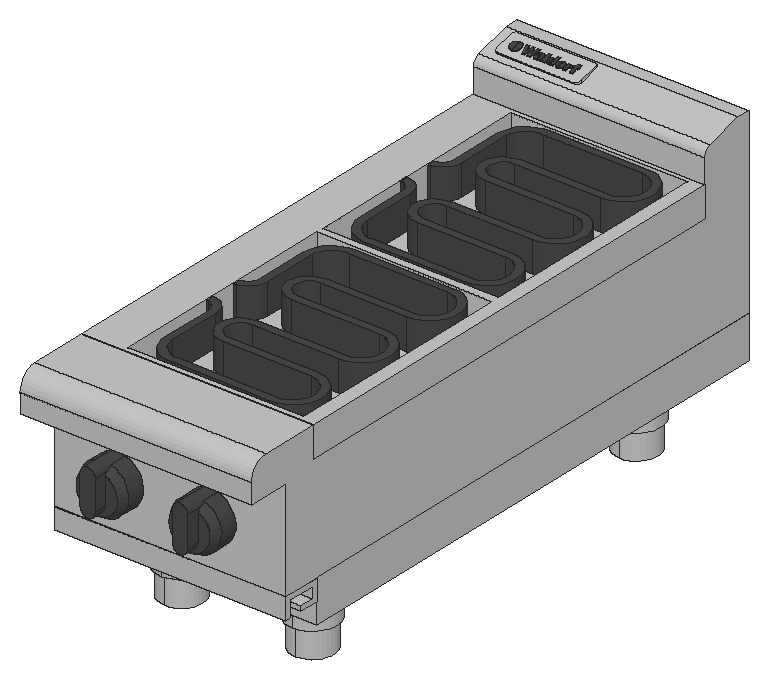
Revit family "QF_MOFFAT WALDORF_RNL8200E-B", category Specialty Equipment, Revit 2012
Parameters
  Weight in Pounds = 70.5478
  Watts = 4800 W
  Volts = 240 V
  URL Cutsheet = "www.moffat.com"
  URL = "www.moffat.com"
  Type Mark [instance] = ""
  Status [instance] = ""
  Specification by User [instance] = ""
  Specification by Manufacturer = ""
  Show Logo [instance] = yes
  Serial Number = ""
  Seismic Rating = ""
  SMACNA No = ""
  Revision Code [instance] = ""
  Phase = 1
  Omniclass Number and Title = ""
  Number of Poles = 1
  NAFEM Spec ID Number = ""
  Model = "RNL8200E-B"
  Min Ckt Ampacity = 0 A
  Max Overcurrent Protection = 0 A
  Masterspec = ""
  Manufacturer = "MOFFAT WALDORF"
  Item Number [instance] = ""
  Installed By [instance] = ""
  Identify Quantity as Lot [instance] = yes
  HP = ""
  Furnished By [instance] = ""
  Foodservice Equipment Identifier [instance] = yes
  FL Amps = 20 A
  Elec Conn RI Height = 0 mm
  Elec Conn Connection Height = 0 mm
  Description = "COOK TOP LOW SPLASHBACK  ELECTRIC BENCH MOUNT"
  Cycle = 50 Hz
  Conn Plug = ""
  Conn Conduit = yes
  CSI MasterFormat = ""
  CSI Master Format = ""
  Base Height [instance] = 80 mm
  Apparent Power = if(Phase = 3, Volts * FL Amps * 1.73, Volts * FL Amps)  # 4800 VA
Reference planes
  plane 1 "BACK": y = 0
  plane 2: z = 0
  plane 3 "LEFT": x = 0
  plane 4 "RIGHT": x = 300
  plane 5 "FRONT": y = -805
  plane 6 "TOP": z = 370
  plane 7 "Center Y": x = 150
  plane 8 "Center X": y = -402.5
  plane 9 "Base Height": z = 80
  plane 10: x = 200
  plane 11: z = 110
  plane 12: y = -32
Forms (mm)
  Extrusion 1, solid, material "QF_Finishes_Stainless Steel"
    sketch origin (0, 0, 0) x (0, 1, 0) y (0, 0, 1)
      loop
        line (-805, 291) -> (-805, 266) -> (-749, 266) -> (-749, 135) -> (0, 135) -> (0, 370) -> (-16.5, 370) -> (-61.106, 358.048)
        arc (-61.106, 358.048) -> (-67.52, 353.762) -> (-70, 346.457) r 12
        line (-70, 346.457) -> (-70, 275) -> (-705, 275) -> (-705, 315) -> (-781, 315)
        arc (-781, 315) -> (-797.971, 307.971) -> (-805, 291) r 24
      loop
        line (0, 80) -> (0, 134.206) -> (-699, 134.206) -> (-699, 80) -> (0, 80)
      loop
        line (-749, 134.206) -> (-749, 107.019) -> (-742.6, 107.019) -> (-742.6, 127.806) -> (-706.181, 127.806) -> (-706.181, 113.419) -> (-724.781, 113.419) -> (-724.781, 107.019) -> (-699.806, 107.019) -> (-699.806, 134.206) -> (-749, 134.206)
    from 0 to 300
  Revolve 2, solid, material "QF_Finishes_Stainless Steel"
    sketch origin (235, -735, 0) x (0, 1, 0) y (0, 0, -1)
      loop
        line (78.25, -80) -> (110, -80) -> (110, 0) -> (82.5, 0) -> (82.5, -35) -> (78.25, -35) -> (78.25, -80)
      axis (110, -80) -> (110, 0)
    angle from 0 to 360
  Revolve 3, solid, material "QF_Finishes_Stainless Steel"
    sketch origin (235, -210, 0) x (0, 1, 0) y (0, 0, -1)
      loop
        line (78.25, -80) -> (110, -80) -> (110, 0) -> (82.5, 0) -> (82.5, -35) -> (78.25, -35) -> (78.25, -80)
      axis (110, -80) -> (110, 0)
    angle from 0 to 360
  Revolve 4, solid, material "QF_Finishes_Stainless Steel"
    sketch origin (65, -735, 0) x (0, 1, 0) y (0, 0, 1)
      loop
        line (78.25, 80) -> (78.25, 35) -> (82.5, 35) -> (82.5, 0) -> (110, 0) -> (110, 80) -> (78.25, 80)
      axis (110, 80) -> (110, 0)
    angle from 0 to 360
  Revolve 5, solid, material "QF_Finishes_Stainless Steel"
    sketch origin (65, -210, 0) x (0, 1, 0) y (0, 0, 1)
      loop
        line (78.25, 80) -> (78.25, 35) -> (82.5, 35) -> (82.5, 0) -> (110, 0) -> (110, 80) -> (78.25, 80)
      axis (110, 80) -> (110, 0)
    angle from 0 to 360
  Revolve 6, solid, material "QF_Finishes_Black"
    sketch origin (210, 0, 28.395) x (0, -1, 0) y (0, 0, 1)
      loop
        line (782, 204.605) -> (759, 204.605) -> (759, 177.105) -> (749, 177.105) -> (749, 172.105) -> (793, 172.105) -> (793, 198.757) -> (782, 204.605)
      axis (793, 172.105) -> (749, 172.105)
    angle from 0 to 360
  Extrusion 7, solid, material "QF_Finishes_Black"
    sketch origin (71.569, 0, -100.872) x (1, 0, 0) y (0, 0, 1)
      loop
        line (148.431, 289) -> (148.431, 327.997)
        arc (148.431, 327.997) -> (138.431, 337.997) -> (128.431, 327.997) r 10
        line (128.431, 327.997) -> (128.431, 289)
        arc (128.431, 289) -> (138.431, 279) -> (148.431, 289) r 10
    from 759 to 808
  Extrusion 8, solid, material "QF_Finishes_Stainless Steel"
    sketch origin (0, -70, 275) x (0, -1, 0) y (1, 0, 0)
      loop
        line (0, 300) -> (0, 0) -> (635, 0) -> (635, 300) -> (0, 300)
      loop
        line (628.25, 54) -> (628.25, 282.75) -> (322.5, 282.75) -> (322.5, 54) -> (628.25, 54)
      loop
        line (6.75, 54) -> (312.5, 54) -> (312.5, 282.75) -> (6.75, 282.75) -> (6.75, 54)
    from 0 to 40
  Extrusion 9, solid, material "QF_Finishes_Black"
    sketch origin (0, -70, 275) x (0, -1, 0) y (1, 0, 0)
      loop
        arc (21.5, 234.6) -> (49.2, 262.3) -> (76.9, 234.6) r 27.7
        line (76.9, 234.6) -> (76.9, 122)
        arc (76.9, 122) -> (104.6, 94.3) -> (132.3, 122) r 27.7
        line (132.3, 122) -> (132.3, 234.6)
        arc (132.3, 234.6) -> (160, 262.3) -> (187.7, 234.6) r 27.7
        line (187.7, 234.6) -> (187.7, 122)
        arc (187.7, 122) -> (215.4, 94.3) -> (243.1, 122) r 27.7
        line (243.1, 122) -> (243.1, 234.6)
        arc (243.1, 234.6) -> (270.8, 262.3) -> (298.5, 234.6) r 27.7
        line (298.5, 234.6) -> (298.5, 107)
        arc (298.5, 107) -> (291.405, 87.847) -> (272.854, 79.3) r 26.722
        line (272.854, 79.3) -> (201.646, 79.3)
        arc (201.646, 79.3) -> (185.755, 73.424) -> (176.869, 59) r 25.973
        line (176.869, 59) -> (176.869, 53.821) -> (186.628, 53.821) -> (186.628, 56.818)
        arc (186.628, 56.818) -> (192.056, 65.658) -> (201.769, 69.3) r 15.973
        line (201.769, 69.3) -> (273.036, 69.3)
        arc (273.036, 69.3) -> (298.601, 80.901) -> (308.5, 107.172) r 36.722
        line (308.5, 107.172) -> (308.5, 234.6)
        arc (308.5, 234.6) -> (270.8, 272.3) -> (233.1, 234.6) r 37.7
        line (233.1, 234.6) -> (233.1, 122)
        arc (233.1, 122) -> (215.4, 104.3) -> (197.7, 122) r 17.7
        line (197.7, 122) -> (197.7, 234.6)
        arc (197.7, 234.6) -> (160, 272.3) -> (122.3, 234.6) r 37.7
        line (122.3, 234.6) -> (122.3, 122)
        arc (122.3, 122) -> (104.6, 104.3) -> (86.9, 122) r 17.7
        line (86.9, 122) -> (86.9, 234.6)
        arc (86.9, 234.6) -> (49.2, 272.3) -> (11.5, 234.6) r 37.7
        line (11.5, 234.6) -> (11.5, 107.172)
        arc (11.5, 107.172) -> (21.399, 80.901) -> (46.964, 69.3) r 36.722
        line (46.964, 69.3) -> (118.243, 69.3)
        arc (118.243, 69.3) -> (127.905, 65.684) -> (133.272, 56.873) r 15.79
        line (133.272, 56.873) -> (133.272, 54) -> (143.043, 54) -> (143.043, 59)
        arc (143.043, 59) -> (134.222, 73.436) -> (118.354, 79.3) r 25.79
        line (118.354, 79.3) -> (47.146, 79.3)
        arc (47.146, 79.3) -> (28.595, 87.847) -> (21.5, 107) r 26.722
        line (21.5, 107) -> (21.5, 234.6)
      loop
        arc (336.5, 234.6) -> (364.2, 262.3) -> (391.9, 234.6) r 27.7
        line (391.9, 234.6) -> (391.9, 122)
        arc (391.9, 122) -> (419.6, 94.3) -> (447.3, 122) r 27.7
        line (447.3, 122) -> (447.3, 234.6)
        arc (447.3, 234.6) -> (475, 262.3) -> (502.7, 234.6) r 27.7
        line (502.7, 234.6) -> (502.7, 122)
        arc (502.7, 122) -> (530.4, 94.3) -> (558.1, 122) r 27.7
        line (558.1, 122) -> (558.1, 234.6)
        arc (558.1, 234.6) -> (585.8, 262.3) -> (613.5, 234.6) r 27.7
        line (613.5, 234.6) -> (613.5, 107)
        arc (613.5, 107) -> (606.405, 87.847) -> (587.854, 79.3) r 26.722
        line (587.854, 79.3) -> (516.646, 79.3)
        arc (516.646, 79.3) -> (500.755, 73.424) -> (491.869, 59) r 25.973
        line (491.869, 59) -> (491.869, 54) -> (501.628, 54) -> (501.628, 56.818)
        arc (501.628, 56.818) -> (507.056, 65.658) -> (516.769, 69.3) r 15.973
        line (516.769, 69.3) -> (588.036, 69.3)
        arc (588.036, 69.3) -> (613.601, 80.901) -> (623.5, 107.172) r 36.722
        line (623.5, 107.172) -> (623.5, 234.6)
        arc (623.5, 234.6) -> (585.8, 272.3) -> (548.1, 234.6) r 37.7
        line (548.1, 234.6) -> (548.1, 122)
        arc (548.1, 122) -> (530.4, 104.3) -> (512.7, 122) r 17.7
        line (512.7, 122) -> (512.7, 234.6)
        arc (512.7, 234.6) -> (475, 272.3) -> (437.3, 234.6) r 37.7
        line (437.3, 234.6) -> (437.3, 122)
        arc (437.3, 122) -> (419.6, 104.3) -> (401.9, 122) r 17.7
        line (401.9, 122) -> (401.9, 234.6)
        arc (401.9, 234.6) -> (364.2, 272.3) -> (326.5, 234.6) r 37.7
        line (326.5, 234.6) -> (326.5, 107.172)
        arc (326.5, 107.172) -> (336.399, 80.901) -> (361.964, 69.3) r 36.722
        line (361.964, 69.3) -> (433.243, 69.3)
        arc (433.243, 69.3) -> (442.905, 65.684) -> (448.272, 56.873) r 15.79
        line (448.272, 56.873) -> (448.272, 54) -> (458.043, 54) -> (458.043, 59)
        arc (458.043, 59) -> (449.222, 73.436) -> (433.354, 79.3) r 25.79
        line (433.354, 79.3) -> (362.146, 79.3)
        arc (362.146, 79.3) -> (343.595, 87.847) -> (336.5, 107) r 26.722
        line (336.5, 107) -> (336.5, 234.6)
    from 0 to 40
  Revolve 10, solid, material "QF_Finishes_Black"
    sketch origin (90, 0, 28.395) x (0, -1, 0) y (0, 0, -1)
      loop
        line (782, -204.605) -> (793, -198.757) -> (793, -172.105) -> (749, -172.105) -> (749, -177.105) -> (759, -177.105) -> (759, -204.605) -> (782, -204.605)
      axis (793, -172.105) -> (749, -172.105)
    angle from 0 to 360
  Extrusion 11, solid, material "QF_Finishes_Black"
    sketch origin (228.431, 0, -75.602) x (-1, 0, 0) y (0, 0, -1)
      loop
        arc (148.431, -264) -> (138.431, -254) -> (128.431, -264) r 10
        line (128.431, -264) -> (128.431, -302.997)
        arc (128.431, -302.997) -> (138.431, -312.997) -> (148.431, -302.997) r 10
        line (148.431, -302.997) -> (148.431, -264)
    from 759 to 808
  Extrusion 12, solid, material "QF_Finishes_Stainless Steel"
    sketch origin (0, 0, 80) x (-1, 0, 0) y (0, 1, 0)
      loop
        circle (-200.073, -32) r 6.35
    from 0 to 1.6
Cuts and joins
  joined: Revolve 6, Extrusion 7
  joined: Revolve 10, Extrusion 11
Lines and regions (mm)
  Split face 1
    outline origin (0, -1783.759, -103.536) x (0, 0.965926, 0.258819) y (-1, 0, 0)
      loop
        line (1795.51, -128) -> (1795.51, -148) -> (1823.865, -148) -> (1823.865, -128) -> (1795.51, -128)
  Split face 2
    outline origin (30, -1783.759, -103.536) x (0, 0.965926, 0.258819) y (-1, 0, 0)
      loop
        line (1795.51, -125.011) -> (1795.51, -145.011) -> (1823.865, -145.011) -> (1823.865, -125.011) -> (1795.51, -125.011)
  Split face 3
    outline origin (50.974, -1783.759, -103.536) x (0, 0.965926, 0.258819) y (-1, 0, 0)
      loop
        line (1795.51, -131.027) -> (1795.51, -151.027) -> (1823.865, -151.027) -> (1823.865, -131.027) -> (1795.51, -131.027)
  Split face 4
    outline origin (110.974, -1783.759, -103.536) x (0, 0.965926, 0.258819) y (-1, 0, 0)
      loop
        line (1795.51, -97.994) -> (1795.51, -117.994) -> (1823.865, -117.994) -> (1823.865, -97.994) -> (1795.51, -97.994)
  Split face 5
    outline origin (140.974, -1783.759, -103.536) x (0, 0.965926, 0.258819) y (-1, 0, 0)
      loop
        line (1795.51, -95.047) -> (1795.51, -115.047) -> (1823.865, -115.047) -> (1823.865, -95.047) -> (1795.51, -95.047)
  Split face 6
    outline origin (170.974, -1783.759, -103.536) x (0, 0.965926, 0.258819) y (-1, 0, 0)
      loop
        line (1795.51, -92.01) -> (1795.51, -112.01) -> (1823.865, -112.01) -> (1823.865, -92.01) -> (1795.51, -92.01)
  symbolic lines
    curve 1: line (0, 0, 0) -> (0, -805, 0)
    curve 2: line (300, 0, 0) -> (0, 0, 0)
    curve 3: line (300, -805, 0) -> (300, 0, 0)
    curve 4: line (0, -70, 0) -> (300, -70, 0)
    curve 5: line (0, -805, 0) -> (300, -805, 0)
    curve 10: line (300, -705, 0) -> (0, -705, 0)
    curve 11: line (128, -49.427, 0) -> (128, -22.054, 0)
    curve 12: line (128, -22.054, 0) -> (148, -22.054, 0)
    curve 13: line (148, -22.054, 0) -> (148, -49.427, 0)
    curve 14: line (148, -49.427, 0) -> (128, -49.427, 0)
    curve 15: line (155, -22.249, 0) -> (155, -49.427, 0)
    curve 16: line (155, -49.427, 0) -> (175, -49.427, 0)
    curve 17: line (175, -49.427, 0) -> (175, -22.249, 0)
    curve 18: line (175, -22.249, 0) -> (155, -22.249, 0)
    curve 19: line (182, -49.427, 0) -> (182, -22.432, 0)
    curve 20: line (182, -22.432, 0) -> (202, -22.432, 0)
    curve 21: line (202, -22.432, 0) -> (202, -49.427, 0)
    curve 22: line (202, -49.427, 0) -> (182, -49.427, 0)
    curve 23: line (209, -49.427, 0) -> (209, -23.119, 0)
    curve 24: line (209, -23.119, 0) -> (229, -23.119, 0)
    curve 25: line (229, -23.119, 0) -> (229, -49.427, 0)
    curve 26: line (229, -49.427, 0) -> (209, -49.427, 0)
    curve 27: line (236, -49.427, 0) -> (236, -23.247, 0)
    curve 28: line (236, -23.247, 0) -> (256, -23.247, 0)
    curve 29: line (256, -23.247, 0) -> (256, -49.427, 0)
    curve 30: line (256, -49.427, 0) -> (236, -49.427, 0)
    curve 31: line (263, -49.427, 0) -> (263, -23.368, 0)
    curve 32: line (263, -23.368, 0) -> (283, -23.368, 0)
    curve 33: line (283, -23.368, 0) -> (283, -49.427, 0)
    curve 34: line (283, -49.427, 0) -> (263, -49.427, 0)
    curve 35: line (54, -705, 0) -> (54, -70, 0)
    curve 36: line (282.75, -70, 0) -> (282.75, -705, 0)
    curve 37: line (54, -387.5, 0) -> (282.75, -387.5, 0)
    curve 38: line (234.6, -86.5, 0) -> (107.089, -86.5, 0)
    curve 39: arc (107.089, -86.5, 0) -> (84.376, -94.994, 0) -> (74.3, -117.051, 0) r 31.722
    curve 40: line (74.3, -117.051, 0) -> (74.3, -188.302, 0)
    curve 41: arc (74.3, -188.302, 0) -> (69.375, -201.285, 0) -> (57.374, -208.272, 0) r 20.79
    curve 42: line (57.374, -208.272, 0) -> (54, -208.272, 0)
    curve 43: arc (234.6, -151.9, 0) -> (267.3, -119.2, 0) -> (234.6, -86.5, 0) r 32.7
    curve 44: line (122, -151.9, 0) -> (234.6, -151.9, 0)
    curve 45: arc (122, -197.3, 0) -> (99.3, -174.6, 0) -> (122, -151.9, 0) r 22.7
    curve 46: line (234.6, -197.3, 0) -> (122, -197.3, 0)
    curve 47: arc (234.6, -262.7, 0) -> (267.3, -230, 0) -> (234.6, -197.3, 0) r 32.7
    curve 48: line (122, -262.7, 0) -> (234.6, -262.7, 0)
    curve 49: arc (122, -308.1, 0) -> (99.3, -285.4, 0) -> (122, -262.7, 0) r 22.7
    curve 50: line (234.6, -308.1, 0) -> (122, -308.1, 0)
    curve 51: arc (234.6, -373.5, 0) -> (267.3, -340.8, 0) -> (234.6, -308.1, 0) r 32.7
    curve 52: line (107.089, -373.5, 0) -> (234.6, -373.5, 0)
    curve 53: arc (74.3, -342.949, 0) -> (84.376, -365.006, 0) -> (107.089, -373.5, 0) r 31.722
    curve 54: line (74.3, -271.704, 0) -> (74.3, -342.949, 0)
    curve 55: arc (57.332, -251.628, 0) -> (69.352, -258.678, 0) -> (74.3, -271.704, 0) r 20.973
    curve 56: line (53.821, -251.628, 0) -> (57.332, -251.628, 0)
    curve 57: line (234.6, -401.5, 0) -> (107.089, -401.5, 0)
    curve 58: arc (107.089, -401.5, 0) -> (84.376, -409.994, 0) -> (74.3, -432.051, 0) r 31.722
    curve 59: line (74.3, -432.051, 0) -> (74.3, -503.302, 0)
    curve 60: arc (74.3, -503.302, 0) -> (69.375, -516.285, 0) -> (57.374, -523.272, 0) r 20.79
    curve 61: line (57.374, -523.272, 0) -> (54, -523.272, 0)
    curve 62: arc (234.6, -466.9, 0) -> (267.3, -434.2, 0) -> (234.6, -401.5, 0) r 32.7
    curve 63: line (122, -466.9, 0) -> (234.6, -466.9, 0)
    curve 64: arc (122, -512.3, 0) -> (99.3, -489.6, 0) -> (122, -466.9, 0) r 22.7
    curve 65: line (234.6, -512.3, 0) -> (122, -512.3, 0)
    curve 66: arc (234.6, -577.7, 0) -> (267.3, -545, 0) -> (234.6, -512.3, 0) r 32.7
    curve 67: line (122, -577.7, 0) -> (234.6, -577.7, 0)
    curve 68: arc (122, -623.1, 0) -> (99.3, -600.4, 0) -> (122, -577.7, 0) r 22.7
    curve 69: line (234.6, -623.1, 0) -> (122, -623.1, 0)
    curve 70: arc (234.6, -688.5, 0) -> (267.3, -655.8, 0) -> (234.6, -623.1, 0) r 32.7
    curve 71: line (107.089, -688.5, 0) -> (234.6, -688.5, 0)
    curve 72: arc (74.3, -657.949, 0) -> (84.376, -680.006, 0) -> (107.089, -688.5, 0) r 31.722
    curve 73: line (74.3, -586.704, 0) -> (74.3, -657.949, 0)
    curve 74: arc (57.332, -566.628, 0) -> (69.352, -573.678, 0) -> (74.3, -586.704, 0) r 20.973
    curve 75: line (53.821, -566.628, 0) -> (57.332, -566.628, 0)
  symbolic lines, visible <- "Show Logo"
    curve 6: line (12.5, -51.234, 0) -> (12.5, -20.958, 0)
    curve 7: line (12.5, -20.958, 0) -> (121.5, -20.958, 0)
    curve 8: line (12.5, -51.234, 0) -> (121.5, -51.234, 0)
    curve 9: line (121.5, -20.958, 0) -> (121.5, -51.234, 0)
Dimensions and locks
  equal spacing: plane 3 "LEFT", plane 7 "Center Y", plane 4 "RIGHT"
  plane 3 "LEFT" to plane 4 "RIGHT" = 300 mm
  equal spacing: plane 5 "FRONT", plane 8 "Center X", plane 1 "BACK"
  plane 5 "FRONT" to plane 1 "BACK" = 805 mm  (x2)
  equal spacing: plane 4 "RIGHT", plane 7 "Center Y", plane 3 "LEFT"
  plane 4 "RIGHT" to plane 3 "LEFT" = 300 mm
  "Base Height": plane 9 "Base Height" to level
  locked: plane 6 "TOP" to plane 9 "Base Height" at 290
  Revolve 10 sketch curve to Revolve 10 sketch curve to Revolve 10 sketch curve to Revolve 10 sketch curve = 5.849 mm locked, 21.651 mm locked, 5 mm locked
  plane 10 to plane 4 "RIGHT" = 100 mm
  plane 11 to level = 110 mm
  plane 12 to plane 1 "BACK" = 32 mm
  Extrusion 1 sketch curve to Extrusion 1 sketch curve to Extrusion 1 sketch curve to Extrusion 1 sketch curve to Extrusion 1 sketch curve = 55 mm locked, 131 mm locked, 9 mm locked, 40 mm locked
  aligned and locked: level to plane 2
  aligned and locked: curve 3 to plane 4 "RIGHT"
  aligned and locked: Revolve 10 sketch curve to Extrusion 1
  aligned and locked: cut or joined group of Revolve 6, Extrusion 7 to cut or joined group of Revolve 6, Extrusion 7
  aligned and locked: cut or joined group of Revolve 6, Extrusion 7 to cut or joined group of Revolve 10, Extrusion 11
  aligned and locked: cut or joined group of Revolve 6, Extrusion 7 to Extrusion 1
Automatic sketch dimensions
  plane 1 "BACK" to curve 1 = 0 mm
  curve 1 to plane 3 "LEFT" = 0 mm
  plane 5 "FRONT" to curve 1 = 0 mm
  plane 3 "LEFT" to curve 6 = 12.5 mm
  plane 3 "LEFT" to curve 74 = 53.333 mm
  plane 3 "LEFT" to curve 55 = 53.333 mm
  plane 3 "LEFT" to curve 41 = 53.516 mm
  plane 3 "LEFT" to curve 60 = 53.516 mm
  curve 55 to curve 56 = 0.487 mm
  curve 74 to curve 75 = 0.487 mm
  curve 6 to curve 35 = 41.5 mm
  curve 56 to curve 56 = 3.512 mm
  curve 75 to curve 74 = 3.512 mm
  curve 42 to curve 42 = 3.374 mm
  curve 61 to curve 60 = 3.374 mm
  curve 35 to curve 73 = 20.3 mm
  curve 37 to curve 54 = 20.3 mm
  curve 41 to curve 40 = 20.784 mm
  curve 37 to curve 59 = 20.3 mm
  curve 53 to curve 53 = 31.701 mm
  curve 72 to curve 72 = 31.701 mm
  curve 59 to curve 58 = 31.701 mm
  curve 40 to curve 39 = 31.701 mm
  curve 39 to curve 39 = 1.088 mm
  curve 72 to curve 71 = 1.088 mm
  plane 8 "Center X" to curve 58 = 1 mm
  curve 58 to curve 58 = 1.088 mm
  curve 53 to curve 57 = 0 mm
  curve 9 to plane 7 "Center Y" = 28.5 mm
  curve 63 to plane 7 "Center Y" = 28 mm
  curve 50 to plane 7 "Center Y" = 28 mm
  curve 45 to plane 7 "Center Y" = 28 mm
  curve 69 to plane 7 "Center Y" = 28 mm
  curve 7 to curve 11 = 6.5 mm
  curve 12 to plane 7 "Center Y" = 2 mm
  plane 7 "Center Y" to curve 15 = 5 mm
  curve 15 to curve 16 = 20 mm
  curve 16 to curve 22 = 7 mm
  plane 10 to curve 22 = 2 mm
  curve 21 to curve 26 = 7 mm
  plane 12 to curve 24 = 8.881 mm
  curve 23 to curve 24 = 20 mm
  plane 10 to curve 70 = 34.6 mm
  plane 10 to curve 48 = 34.6 mm
  plane 10 to curve 67 = 34.6 mm
  plane 10 to curve 51 = 34.6 mm
  plane 10 to curve 38 = 34.6 mm
  plane 10 to curve 62 = 34.6 mm
  curve 25 to curve 27 = 7 mm
  plane 12 to curve 28 = 8.753 mm
  curve 27 to curve 28 = 20 mm
  curve 28 to curve 31 = 7 mm
  plane 4 "RIGHT" to curve 36 = 17.25 mm
  plane 4 "RIGHT" to curve 33 = 17 mm
  curve 10 to plane 5 "FRONT" = 100 mm
  curve 36 to curve 70 = 16.5 mm
  curve 72 to curve 72 = 30.551 mm
  curve 71 to curve 70 = 32.7 mm
  curve 68 to curve 68 = 22.7 mm
  curve 74 to curve 67 = 9.516 mm
  curve 74 to curve 73 = 0.512 mm
  curve 66 to curve 66 = 32.7 mm
  curve 74 to curve 60 = 43.356 mm
  curve 60 to curve 59 = 19.97 mm
  curve 64 to curve 64 = 22.7 mm
  curve 58 to curve 58 = 31.704 mm
  plane 8 "Center X" to curve 37 = 15 mm
  curve 57 to curve 51 = 28 mm
  curve 52 to curve 54 = 30.551 mm
  curve 52 to curve 51 = 32.7 mm
  curve 49 to curve 49 = 22.7 mm
  curve 55 to curve 48 = 9.516 mm
  curve 55 to curve 55 = 0.512 mm
  curve 48 to curve 47 = 32.7 mm
  curve 56 to curve 42 = 43.356 mm
  curve 42 to curve 41 = 19.97 mm
  curve 45 to curve 45 = 22.7 mm
  curve 44 to curve 43 = 32.7 mm
  curve 39 to curve 38 = 31.704 mm
  curve 36 to plane 12 = 38 mm
  curve 6 to plane 12 = 19.234 mm
  curve 16 to plane 12 = 17.427 mm
  curve 31 to plane 12 = 17.427 mm
  curve 30 to plane 12 = 17.427 mm
  curve 8 to curve 11 = 1.807 mm
  curve 26 to plane 12 = 17.427 mm
  curve 16 to curve 19 = 0 mm
  plane 12 to curve 33 = 8.632 mm
  curve 23 to curve 20 = 0.687 mm
  plane 12 to curve 18 = 9.751 mm
  plane 12 to curve 12 = 9.946 mm
  plane 12 to curve 6 = 11.042 mm
  Extrusion 1 sketch curve to plane 5 "FRONT" = 0 mm
  Extrusion 1 sketch curve to plane 9 "Base Height" = 0 mm
  Extrusion 1 sketch curve to plane 6 "TOP" = 0 mm
  Extrusion 1 sketch curve to plane 1 "BACK" = 0 mm  (x2)
  Extrusion 1 sketch curve to plane 5 "FRONT" = 24 mm
  Extrusion 1 sketch curve to plane 5 "FRONT" = 56 mm
  Extrusion 1 sketch curve to Extrusion 1 sketch curve = 0 mm  (x2)
  Extrusion 1 sketch curve to plane 11 = 2.981 mm  (x2)
  Extrusion 1 sketch curve to Extrusion 1 sketch curve = 6.4 mm
  Extrusion 1 sketch curve to Extrusion 1 sketch curve = 17.819 mm
  Extrusion 1 sketch curve to Extrusion 1 sketch curve = 18.6 mm
  Extrusion 1 sketch curve to Extrusion 1 sketch curve = 44 mm
  Extrusion 1 sketch curve to Extrusion 1 sketch curve = 6.376 mm
  Extrusion 1 sketch curve to Extrusion 1 sketch curve = 0.806 mm
  Extrusion 1 sketch curve to plane 12 = 38 mm
  Extrusion 1 sketch curve to plane 6 "TOP" = 11.952 mm
  Extrusion 1 sketch curve to Extrusion 1 sketch curve = 8.894 mm
  Extrusion 1 sketch curve to Extrusion 1 sketch curve = 3.106 mm
  plane 12 to Extrusion 1 sketch curve = 15.5 mm
  plane 11 to Extrusion 1 sketch curve = 3.419 mm
  Extrusion 1 sketch curve to Extrusion 1 sketch curve = 14.387 mm
  Extrusion 1 sketch curve to Extrusion 1 sketch curve = 0.794 mm
  Revolve 2 sketch curve to plane 9 "Base Height" = 0 mm
  Revolve 2 sketch curve to level = 0 mm
  level to Revolve 2 sketch curve = 35 mm
  Revolve 2 sketch curve to plane 5 "FRONT" = 148.25 mm
  Revolve 2 sketch curve to Revolve 2 sketch curve = 4.25 mm
  Revolve 2 sketch curve to Revolve 2 sketch curve = 27.5 mm
  Revolve 2 sketch curve to Revolve 2 sketch curve = 0 mm
  Revolve 2 sketch curve to Revolve 2 sketch curve = 30 mm
  Revolve 2 sketch curve to Revolve 2 sketch curve = 55 mm
  Revolve 3 sketch curve to plane 9 "Base Height" = 0 mm
  Revolve 3 sketch curve to level = 0 mm
  level to Revolve 3 sketch curve = 35 mm
  Revolve 3 sketch curve to plane 12 = 99.75 mm
  Revolve 3 sketch curve to Revolve 3 sketch curve = 4.25 mm
  Revolve 3 sketch curve to Revolve 3 sketch curve = 27.5 mm
  Revolve 3 sketch curve to Revolve 3 sketch curve = 0 mm
  Revolve 3 sketch curve to plane 9 "Base Height" = 30 mm
  Revolve 3 sketch curve to Revolve 3 sketch curve = 55 mm
  Revolve 4 sketch curve to plane 9 "Base Height" = 0 mm
  Revolve 4 sketch curve to level = 0 mm
  level to Revolve 4 sketch curve = 35 mm
  Revolve 4 sketch curve to plane 5 "FRONT" = 148.25 mm
  Revolve 4 sketch curve to Revolve 4 sketch curve = 4.25 mm
  Revolve 4 sketch curve to Revolve 4 sketch curve = 27.5 mm
  Revolve 4 sketch curve to Revolve 4 sketch curve = 0 mm
  Revolve 4 sketch curve to Revolve 4 sketch curve = 55 mm
  Revolve 4 sketch curve to Revolve 4 sketch curve = 30 mm
  Revolve 5 sketch curve to plane 9 "Base Height" = 0 mm
  Revolve 5 sketch curve to level = 0 mm
  level to Revolve 5 sketch curve = 35 mm
  Revolve 5 sketch curve to plane 12 = 99.75 mm
  Revolve 5 sketch curve to Revolve 5 sketch curve = 4.25 mm
  Revolve 5 sketch curve to Revolve 5 sketch curve = 27.5 mm
  Revolve 5 sketch curve to Revolve 5 sketch curve = 0 mm
  Revolve 5 sketch curve to Revolve 5 sketch curve = 55 mm
  Revolve 5 sketch curve to plane 9 "Base Height" = 30 mm
  Revolve 6 sketch curve to plane 5 "FRONT" = 56 mm
  Revolve 6 sketch curve to Revolve 6 sketch curve = 10 mm
  Revolve 6 sketch curve to Revolve 6 sketch curve = 11.379 mm
  Revolve 6 sketch curve to plane 5 "FRONT" = 23 mm
  Revolve 6 sketch curve to plane 5 "FRONT" = 12 mm
  Revolve 6 sketch curve to Revolve 6 sketch curve = 0 mm  (x2)
  plane 11 to Revolve 6 sketch curve = 90.5 mm
  Revolve 6 sketch curve to Revolve 6 sketch curve = 5 mm
  Revolve 6 sketch curve to Revolve 6 sketch curve = 26.651 mm
  Revolve 6 sketch curve to Revolve 6 sketch curve = 5.849 mm
  Extrusion 7 sketch curve to plane 10 = 0 mm
  plane 10 to Extrusion 7 sketch curve = 10 mm
  plane 11 to Extrusion 7 sketch curve = 78.128 mm
  Extrusion 7 sketch curve to Extrusion 7 sketch curve = 38.997 mm
  Extrusion 8 sketch curve to Extrusion 1 = 0 mm  (x3)
  Extrusion 1 to Extrusion 8 sketch curve = 0 mm
  Extrusion 1 to Extrusion 8 sketch curve = 6.75 mm
  Extrusion 1 to Extrusion 8 sketch curve = 17.25 mm  (x2)
  Extrusion 8 sketch curve to Extrusion 8 sketch curve = 305.75 mm
  Extrusion 8 sketch curve to Extrusion 8 sketch curve = 10 mm
  Extrusion 8 sketch curve to Extrusion 1 = 6.75 mm
  Extrusion 1 to Extrusion 8 sketch curve = 54 mm  (x2)
  Extrusion 9 sketch curve to Extrusion 9 sketch curve = 0 mm  (x39)
  Extrusion 1 to Extrusion 9 sketch curve = 11.5 mm
  Extrusion 9 sketch curve to Extrusion 9 sketch curve = 10 mm  (x2)
  Extrusion 9 sketch curve to Extrusion 9 sketch curve = 25.464 mm  (x2)
  Extrusion 9 sketch curve to Extrusion 9 sketch curve = 0.182 mm  (x4)
  Extrusion 9 sketch curve to Extrusion 9 sketch curve = 1.058 mm  (x3)
  Extrusion 9 sketch curve to Extrusion 9 sketch curve = 27.7 mm  (x6)
  Extrusion 9 sketch curve to Extrusion 9 sketch curve = 17.7 mm  (x4)
  Extrusion 9 sketch curve to Extrusion 9 sketch curve = 4.457 mm  (x2)
  Extrusion 9 sketch curve to Extrusion 9 sketch curve = 0.4 mm  (x2)
  Extrusion 9 sketch curve to Extrusion 9 sketch curve = 0.111 mm  (x2)
  Extrusion 9 sketch curve to Extrusion 9 sketch curve = 15.428 mm  (x2)
  Extrusion 9 sketch curve to Extrusion 9 sketch curve = 9.771 mm  (x2)
  Extrusion 9 sketch curve to Extrusion 9 sketch curve = 33.826 mm  (x2)
  Extrusion 9 sketch curve to Extrusion 9 sketch curve = 9.759 mm  (x2)
  Extrusion 9 sketch curve to Extrusion 9 sketch curve = 15.018 mm  (x2)
  Extrusion 9 sketch curve to Extrusion 9 sketch curve = 0.123 mm  (x2)
  Extrusion 9 sketch curve to Extrusion 9 sketch curve = 15.588 mm  (x2)
  Extrusion 9 sketch curve to Extrusion 9 sketch curve = 26.704 mm  (x3)
  Extrusion 9 sketch curve to Extrusion 9 sketch curve = 18 mm
  Extrusion 1 to Extrusion 9 sketch curve = 53.333 mm  (x2)
  Extrusion 1 to Extrusion 9 sketch curve = 53.516 mm  (x2)
  Extrusion 9 sketch curve to Extrusion 9 sketch curve = 0.487 mm
  Extrusion 9 sketch curve to Extrusion 9 sketch curve = 0.667 mm
  Extrusion 9 sketch curve to Extrusion 9 sketch curve = 0.484 mm  (x2)
  Extrusion 9 sketch curve to Extrusion 9 sketch curve = 2.998 mm
  Extrusion 9 sketch curve to Extrusion 9 sketch curve = 2.818 mm
  Extrusion 9 sketch curve to Extrusion 9 sketch curve = 2.873 mm  (x2)
  Extrusion 9 sketch curve to Extrusion 9 sketch curve = 5 mm  (x3)
  Extrusion 9 sketch curve to Extrusion 9 sketch curve = 5.179 mm
  Extrusion 9 sketch curve to Extrusion 9 sketch curve = 26.701 mm  (x4)
  Extrusion 9 sketch curve to Extrusion 9 sketch curve = 42.7 mm  (x4)
  Extrusion 1 to Extrusion 9 sketch curve = 65.4 mm  (x3)
  Revolve 10 sketch curve to Revolve 10 sketch curve = 10 mm
  Revolve 10 sketch curve to Revolve 10 sketch curve = 21.3 mm
  Revolve 10 sketch curve to plane 5 "FRONT" = 23 mm
  Revolve 10 sketch curve to plane 5 "FRONT" = 12 mm
  Revolve 10 sketch curve to Revolve 10 sketch curve = 0 mm  (x2)
  plane 11 to Revolve 10 sketch curve = 123 mm
  Extrusion 11 sketch curve to plane 7 "Center Y" = 50 mm
  Extrusion 11 sketch curve to Extrusion 11 sketch curve = 10 mm
  plane 11 to Extrusion 11 sketch curve = 117.395 mm
  Extrusion 11 sketch curve to Extrusion 11 sketch curve = 38.997 mm
  Extrusion 1 to Extrusion 12 sketch curve = 32 mm
  Extrusion 12 sketch curve to Extrusion 1 = 99.927 mm
  Split face 1 sketch curve to Extrusion 1 = 12.088 mm
  Extrusion 1 to Split face 1 sketch curve = 5.737 mm
  Split face 1 sketch curve to Extrusion 1 = 148 mm
  Split face 1 sketch curve to Split face 1 sketch curve = 20 mm
  Split face 2 sketch curve to Extrusion 1 = 12.088 mm
  Extrusion 1 to Split face 2 sketch curve = 5.737 mm
  Split face 2 sketch curve to Extrusion 1 = 124.989 mm
  Split face 2 sketch curve to Split face 2 sketch curve = 20 mm
  Split face 3 sketch curve to Extrusion 1 = 12.088 mm
  Extrusion 1 to Split face 3 sketch curve = 5.737 mm
  Split face 3 sketch curve to Extrusion 1 = 98 mm
  Split face 3 sketch curve to Split face 3 sketch curve = 20 mm
  Split face 4 sketch curve to Extrusion 1 = 12.088 mm
  Extrusion 1 to Split face 4 sketch curve = 5.737 mm
  Split face 4 sketch curve to Extrusion 1 = 71.032 mm
  Split face 4 sketch curve to Split face 4 sketch curve = 20 mm
  Split face 5 sketch curve to Extrusion 1 = 12.088 mm
  Extrusion 1 to Split face 5 sketch curve = 5.737 mm
  Split face 5 sketch curve to Extrusion 1 = 43.979 mm
  Split face 5 sketch curve to Split face 5 sketch curve = 20 mm
  Split face 6 sketch curve to Extrusion 1 = 12.088 mm
  Extrusion 1 to Split face 6 sketch curve = 5.737 mm
  Split face 6 sketch curve to Extrusion 1 = 17.016 mm
  Split face 6 sketch curve to Split face 6 sketch curve = 20 mm
  radius of Extrusion 12 sketch curve = 6.35 mm
Nested families
  nested 1: "WALDORF LOGO_FACE BASE" at (12.75, -20.567, 368.91) x (1, 0, 0) z (0, -0.2588, 0.9659), visible <- "Show Logo", type "WALDORF LOGO_FACE BASE", detail levels medium+fine
    with Show Logo yes
Connectors
  electrical at (200.073, -32, 78.4), driven by "Volts", driven by "Watts"
    settings: on Extrusion 12, index 1, voltage 240 V, apparent load 4800 VA, apparent load phase1 0 VA, apparent load phase2 0 VA, apparent load phase3 0 VA, power factor 1, load classification "Other", number of poles 1, system type 30, power factor state 1, is connector primary yes, connector utility no, sub classification motor no, connector description "ELECTRICAL CONNECTION"
Definition of nested family "WALDORF LOGO_FACE BASE"
  Parameters (values of type "WALDORF LOGO_FACE BASE")
    Show Logo [instance] = yes
    Default Elevation = 1219.2 mm
  Reference planes
    plane 1 "Center (Front/Back)": y = 0
    plane 2: z = 0
    plane 3 "Center (Left/Right)": x = 0
  Forms (mm)
    Extrusion 1, solid
      sketch origin (0, 0, 0) x (1, 0, 0) y (0, 1, 0)
        loop
          line (-1219.2, 1219.2) -> (-1219.2, -1219.2) -> (1219.2, -1219.2) -> (1219.2, 1219.2) -> (-1219.2, 1219.2)
      from 0 to -304.8
    Extrusion 2, solid, material "QF_Finishes_Stainless Steel", visible <- "Show Logo"
      sketch origin (0, -33.217, 0) x (1, 0, 0) y (0, 1, 0)
        loop
          arc (5, 34.14) -> (1.464, 32.676) -> (0, 29.14) r 5
          line (0, 29.14) -> (0, 5)
          arc (0, 5) -> (1.464, 1.464) -> (5, 0) r 5
          line (5, 0) -> (104, 0)
          arc (104, 0) -> (107.536, 1.464) -> (109, 5) r 5
          line (109, 5) -> (109, 29.14)
          arc (109, 29.14) -> (107.536, 32.676) -> (104, 34.14) r 5
          line (104, 34.14) -> (5, 34.14)
      from 0 to 1.588
    Extrusion 3, solid, material "QF_Finishes_Black", visible <- "Show Logo"
      sketch origin (0, -33.217, 1.588) x (1, 0, 0) y (0, 1, 0)
        loop
          line (24.772, 23.214) -> (27.992, 10.301) -> (31.551, 10.301) -> (33.443, 17.364) -> (35.205, 10.301) -> (39.332, 10.301) -> (42.077, 23.214) -> (38.352, 23.214) -> (36.676, 15.33) -> (35, 23.214) -> (31.752, 23.214) -> (30.076, 15.33) -> (28.4, 23.214) -> (24.772, 23.214)
        loop
          line (42.272, 17.055) -> (45.703, 17.055)
          spline (45.703, 17.055) -> (45.741, 17.285) -> (45.852, 17.499) -> (46.028, 17.682) -> (46.258, 17.823) -> (46.526, 17.912) -> (46.813, 17.942) -> (47.1, 17.912) -> (47.368, 17.823) -> (47.597, 17.682) -> (47.774, 17.499) -> (47.884, 17.285) -> (47.922, 17.055)
          line (47.922, 17.055) -> (47.922, 16.222)
          arc (47.922, 16.222) -> (45.742, 16.014) -> (43.665, 15.317) r 9.604
          arc (43.665, 15.317) -> (41.924, 12.809) -> (43.665, 10.301) r 2.677
          arc (43.665, 10.301) -> (45.527, 10.353) -> (47.332, 10.816) r 8.365
          line (47.332, 10.816) -> (48.092, 11.105) -> (48.092, 10.301) -> (51.817, 10.301) -> (51.817, 17.055)
          spline (51.817, 17.055) -> (51.654, 17.821) -> (51.178, 18.535) -> (50.419, 19.148) -> (49.431, 19.619) -> (48.28, 19.914) -> (47.044, 20.015) -> (45.809, 19.914) -> (44.658, 19.619) -> (43.67, 19.148) -> (42.911, 18.535) -> (42.434, 17.821) -> (42.272, 17.055)
        loop
          line (53.151, 23.214) -> (53.151, 10.301) -> (57.37, 10.301) -> (57.37, 23.214) -> (53.151, 23.214)
        loop
          line (64.874, 23.214) -> (64.874, 18.857)
          arc (64.874, 18.857) -> (58.083, 15.11) -> (64.874, 11.363) r 4.429
          line (64.874, 11.363) -> (64.874, 10.301) -> (68.378, 10.301) -> (68.378, 23.214) -> (64.874, 23.214)
        loop
          arc (64.874, 16.083) -> (61.41, 14.987) -> (64.874, 13.891) r 1.905
          line (64.874, 13.891) -> (64.874, 16.083)
        loop
          circle (74.623, 15.223) r 5
        loop
          spline (74.623, 17.856) -> (74.355, 17.766) -> (74.105, 17.503) -> (73.891, 17.084) -> (73.726, 16.539) -> (73.623, 15.904) -> (73.588, 15.223) -> (73.623, 14.541) -> (73.726, 13.906) -> (73.891, 13.361) -> (74.105, 12.942) -> (74.355, 12.679) -> (74.623, 12.59)
          spline (74.623, 12.59) -> (74.891, 12.679) -> (75.141, 12.942) -> (75.355, 13.361) -> (75.52, 13.906) -> (75.623, 14.541) -> (75.659, 15.223) -> (75.623, 15.904) -> (75.52, 16.539) -> (75.355, 17.084) -> (75.141, 17.503) -> (74.891, 17.766) -> (74.623, 17.856)
        loop
          line (81.255, 19.813) -> (81.255, 10.301) -> (84.834, 10.301) -> (84.834, 14.176)
          arc (84.834, 14.176) -> (85.854, 16.093) -> (88.013, 16.32) r 2.313
          line (88.013, 16.32) -> (88.013, 19.813) -> (87.161, 19.813)
          arc (87.161, 19.813) -> (85.526, 19.266) -> (84.549, 17.844) r 2.717
          line (84.549, 17.844) -> (84.549, 19.813) -> (81.255, 19.813)
        loop
          line (90.249, 19.813) -> (88.91, 19.813) -> (88.91, 17.614) -> (90.249, 17.614) -> (90.249, 10.301) -> (93.998, 10.301) -> (93.998, 17.614) -> (95.418, 17.614) -> (95.418, 19.813) -> (93.998, 19.813)
          arc (93.998, 19.813) -> (94.414, 20.817) -> (95.418, 21.233) r 1.42
          line (95.418, 21.233) -> (95.418, 23.602) -> (93.317, 23.602)
          arc (93.317, 23.602) -> (91.343, 22.903) -> (90.249, 21.118) r 3.137
          line (90.249, 21.118) -> (90.249, 19.813)
        loop
          arc (15.241, 23.571) -> (8.392, 16.525) -> (15.241, 9.479) r 7.049
          line (15.241, 9.479) -> (15.241, 23.571)
        loop
          line (15.641, 23.571) -> (15.641, 9.479)
          arc (15.641, 9.479) -> (22.49, 16.525) -> (15.641, 23.571) r 7.049
        loop
          arc (47.922, 14.711) -> (46.266, 13.749) -> (47.922, 12.787) r 1.107
          line (47.922, 12.787) -> (47.922, 14.711)
      from 0 to 0.2
  Dimensions and locks
    aligned and locked: plane 2 to Extrusion 1
    aligned and locked: level to Extrusion 1
